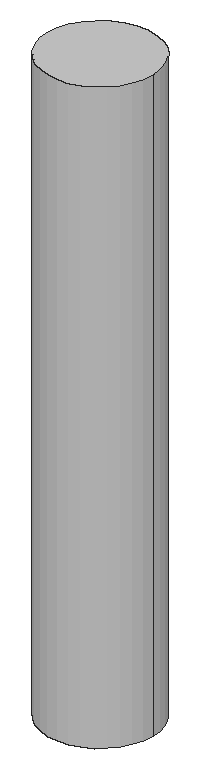
Revit family "콘크리트-원형-기둥", category 구조 기둥, Revit 2026
Family settings
  숨겨진 뷰로 표시 = 다른 부재에 가려진 모서리
  단면 모양 = 정의되지 않음
  모델 동작 재료 = 콘크리트
  항상 형상으로 내보내기 = 아니오
  평면의 보 전환 = 형상에서
  로드될 때 보이드를 사용하여 절단 = 아니오
  기호 표현 = 패밀리에서
  공유 = 아니오
  평면도에서 미리 절단된 패밀리 표시 = 예
Parameters (values of type "450")
  Structural Material [instance] = 콘크리트 - 현장타설 콘크리트
  b = 450 mm
Types (5, lengths in mm): name | b
  (no name) | 450
  300 | 300
  450 | 450
  600 | 600
  750 | 750
Reference planes
  plane 1 "중심(앞/뒤)": y = 0
  plane 2: z = 0
  plane 3 "중심(왼쪽/오른쪽)": x = 0
  plane 4: x = -225
  plane 5: x = 225
  plane 6: y = 225
  plane 7: y = -225
Forms (mm)
  Extrusion 1, solid, material "콘크리트 - 현장타설 콘크리트" <- "Structural Material"
    sketch origin (0, 0, 0) x (1, 0, 0) y (0, 1, 0)
      loop
        circle (0, 0) r 225
    from 0 to 2500
Dimensions and locks
  equal spacing: plane 4, plane 3 "중심(왼쪽/오른쪽)", plane 5
  equal spacing: plane 7, plane 1 "중심(앞/뒤)", plane 6
  "b": plane 7 to plane 6
  "b": plane 4 to plane 5
  aligned and locked: level to Extrusion 1
  aligned and locked: level to plane 2
  aligned and locked: Extrusion 1 to plane 2
Automatic sketch dimensions
  Extrusion 1 sketch curve to plane 1 "중심(앞/뒤)" = 0 mm
  Extrusion 1 sketch curve to plane 4 = 0 mm
  Extrusion 1 sketch curve to plane 3 "중심(왼쪽/오른쪽)" = 0 mm
